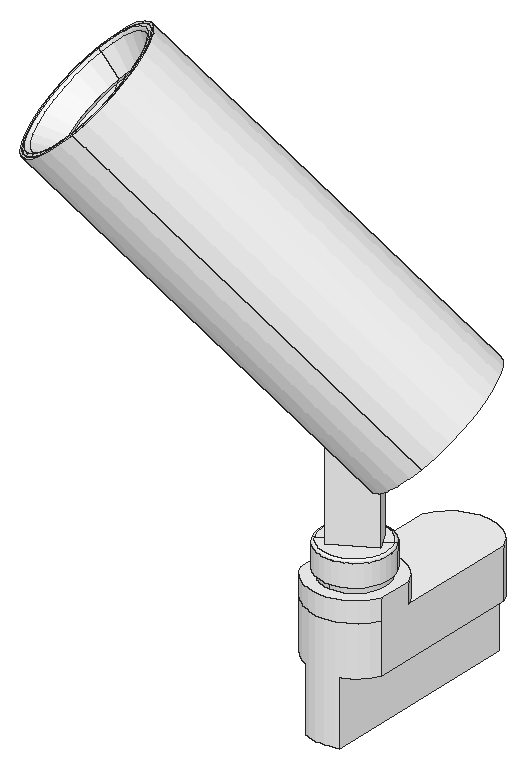
Revit family "0005422 Sylvania Lighting Fixture START Track Spot Integral 930 MB WB WHT", category Lighting Fixtures, host Face, Revit 2017
Family settings
  Host = Face
  Round Connector Dimension = Use Diameter
  Part Type = Normal
  OmniClass Number = 23.80.70.00
  OmniClass Title = Lighting
  Cut with Voids When Loaded = No
  Light Source = No
  Shared = No
  Room Calculation Point = No
Parameters (values of type "0005422 ST TRK SPT INTGRL 1400LM 930 WB WHT")
  Weight = "5.832 kg"
  Wattage Comments = ""
  WarrantyStartDate [instance] = "n/a"
  WarrantyGuarantorParts = "n/a"
  WarrantyDurationUnit = "n/a"
  WarrantyDurationParts = "n/a"
  WarrantyDescription = "n/a"
  Voltage = 230 V
  VerticalRotation_SYL [instance] = 60.00°
  VerticalEndAngle_SYL [instance] = VerticalRotation_SYL - 180.00°  # -120.00°
  URL = "http://www.sylvania-lighting.com"
  TypeName = "START Track Spot Integral 1400lm 930 MB WB WHT"
  TypeHead_SYL = START Track Spot Integral Head : 0005422 ST TRK SPT INTGRL 1400LM 930 WB WHT
  TypeArm_SYL = START Track Spot Integral Arm : START Track Spot Integral WH
  Type Image = <None>
  Type Comments = "n/a"
  SerialNumber [instance] = "n/a"
  Material_3_SYL = none
  PowerFactor = 0
  PowerConsumption = "17 W"
  NominalLength = 0 mm
  NominalHeight = 0 mm
  NominalDepth = 0 mm
  Name = "START Track Spot Integral 1400lm 930 MB WB WHT"
  ModelReference = Name  # "START Track Spot Integral 1400lm 930 MB WB WHT"
  ModelNumber = "0005422"
  Model = Name  # "START Track Spot Integral 1400lm 930 MB WB WHT"
  Material = "n/a"
  ManufacturerName = "Feilo Sylvania"
  Manufacturer = "Feilo Sylvania"
  LuminousEfficacy = "96.36 lm/W"
  LuminaireType = ""
  LightOutputRatio = "n/a"
  LampsType = Lamp  # "LED"
  LampNominalLuminous = "1400 lm"
  LampMacAdamStep = "3"
  LampColourTemperature = "3000"
  LampColourRenderingIndex = "90"
  Lamp = "LED"
  Keynote = "16500"
  InstallationDate [instance] = "n/a"
  InputVoltage = "220-240V~"
  InputNominalFrequency = "50/60 Hz"
  IngressProtection = "IP20"
  ImpactProtectionIndex = "IK03"
  IfcExportType = "IfcLightFixtureType"
  IfcExportAs = "IfcLightFixtureType"
  HorizontalRotation_SYL [instance] = 45.00°
  ExpectedLife = 50000
  ElectricShockClassification = "Class I"
  DurationUnit = "hours"
  DocumentationLiterature = "http://www.sylvania-lighting.com/product/en-int/products/0005422"
  DimmingControlOptions = "Non dimmable"
  Material_2_SYL = Spacer-Sylvania-StartTrackSpot-Aluminium
  Description = ""
  Default Elevation = 1219.2 mm
  CreatedOn = "9/6/2018"
  CreatedBy = ""
  Cost = 0
  built-in parameter 1114216 [instance] = (empty or 0)
  ClassificationValue = "EF_70_80"
  ClassificationName = "Uniclass2015"
  Material_1_SYL = Body-Sylvania-StartTrackSpot-White
  BarCode [instance] = "n/a"
  AssetType = "Fixed"
  AssetIdentifier [instance] = "n/a"
  Assembly Code = "D5020200"
  Apparent Load = 17 VA
  Material_4_SYL = none
Types (2, lengths in mm): name | TypeName | TypeHead_SYL | Name | ModelReference | Model | LuminousEfficacy | LampNominalLuminous
  0005422 ST TRK SPT INTGRL 1400LM 930 WB WHT | "START Track Spot Integral 1400lm 930 MB WB WHT" | START Track Spot Integral Head : 0005422 ST TRK SPT INTGRL 1400LM 930 WB WHT | "START Track Spot Integral 1400lm 930 MB WB WHT" | "START Track Spot Integral 1400lm 930 MB WB WHT" | "START Track Spot Integral 1400lm 930 MB WB WHT" | "96.36 lm/W" | "1400 lm"
  0005422 ST TRK SPT INTGRL 1350lm 930 MB WHT | "START Track Spot Integral 1350lm 930 MB WB WHT" | START Track Spot Integral Head : 0005422 ST TRK SPT INTGRL 1350LM 930 MB WHT | "START Track Spot Integral 1350lm 930 MB WB WHT" | "START Track Spot Integral 1350lm 930 MB WB WHT" | "START Track Spot Integral 1350lm 930 MB WB WHT" | "90.90 lm/W" | "1350 lm"
Reference planes
  plane 1 "Center (Front/Back)": y = 0
  plane 2: z = 0
  plane 3 "Center (Left/Right)": x = 0
  plane 4: x = 16.6
  plane 5: x = -16.6
  plane 6: x = 7
  plane 7: x = -7
  plane 8: x = -12.8
  plane 9: y = 42
  plane 10: y = 42
  plane 11: y = -42
  plane 12: y = 31.4
  plane 13: y = -31.4
  plane 14: z = -26
  plane 15: z = 20.3
  plane 16: z = 28.5
  plane 17: z = 31.2
  plane 18: y = -17.4
  plane 19: y = -6.8
  plane 20: y = -24.4
Forms (mm)
  Extrusion 1, solid, material "Body-Sylvania-StartTrackSpot-White" <- "Material_1_SYL"
    sketch origin (0, 0, 0) x (1, 0, 0) y (0, 1, 0)
      loop
        line (-16.6, 31.4) -> (-16.6, -31.4)
        arc (-16.6, -31.4) -> (0, -42) -> (16.6, -31.4) r 18.298
        line (16.6, -31.4) -> (16.6, 31.4)
        arc (16.6, 31.4) -> (0, 42) -> (-16.6, 31.4) r 18.298
    from -26 to 20.3
  Extrusion 2, void
    sketch origin (0, 0, 0) x (1, 0, 0) y (0, 1, 0)
      loop
        arc (-7, 40.608) -> (-12.666, 36.907) -> (-16.6, 31.4) r 18.298
        line (-16.6, 31.4) -> (-16.6, -31.4)
        arc (-16.6, -31.4) -> (-12.666, -36.907) -> (-7, -40.608) r 18.298
        line (-7, -40.608) -> (-7, 40.608)
      loop
        line (16.6, -31.4) -> (16.6, 31.4)
        arc (16.6, 31.4) -> (12.666, 36.907) -> (7, 40.608) r 18.298
        line (7, 40.608) -> (7, -40.608)
        arc (7, -40.608) -> (12.666, -36.907) -> (16.6, -31.4) r 18.298
    from 0 to -26
  Extrusion 3, solid, material "Body-Sylvania-StartTrackSpot-White" <- "Material_1_SYL"
    sketch origin (1223.4, -4572, 20.3) x (0, -1, 0) y (-1, 0, 0)
      loop
        line (-4540.6, 1240) -> (-4554.6, 1240)
        arc (-4554.6, 1240) -> (-4565.2, 1223.4) -> (-4554.6, 1206.8) r 18.298
        line (-4554.6, 1206.8) -> (-4540.6, 1206.8)
        arc (-4540.6, 1206.8) -> (-4530, 1223.4) -> (-4540.6, 1240) r 18.298
    from -8.2 to 0
  Extrusion 4, solid, material "Spacer-Sylvania-StartTrackSpot-Aluminium" <- "Material_2_SYL"
    sketch origin (1223.4, -4572, 28.5) x (0, -1, 0) y (-1, 0, 0)
      loop
        circle (-4547.6, 1223.4) r 12.7
    from 0 to -2.7
  Revolve 5, solid, not visible
    sketch origin (1524, -24.4, 1219.2) x (1, 0, 0) y (0, 0, 1)
      loop
        line (-1524, -1188) -> (-1524, -1168.735) -> (-1531, -1168.735) -> (-1531, -1188) -> (-1524, -1188)
      axis (-1524, -1168.735) -> (-1524, -1188)
    angle from 60 <- "VerticalRotation_SYL" to -120 <- "VerticalEndAngle_SYL"
Cuts and joins
  Extrusion 2 cuts Extrusion 1
  joined: Extrusion 1, Extrusion 3
Lines and regions (mm)
  reference lines
    curve 1: circle (0, -24.4, 0) r 12.7 normal (0, 0, 1)
    curve 2: arc (-16.6, -31.4, 0) -> (0, -42, 0) -> (16.6, -31.4, 0) r 18.298
    curve 3: arc (-16.6, -17.4, 0) -> (0, -6.8, 0) -> (16.6, -17.4, 0) r 18.298
    curve 4: arc (-16.6, 31.4, 0) -> (0, 42, 0) -> (16.6, 31.4, 0) r 18.298
Dimensions and locks
  plane 6 to plane 3 "Center (Left/Right)" to plane 7 = 7 mm locked, 7 mm locked
  plane 4 to plane 3 "Center (Left/Right)" to plane 5 = 16.6 mm locked, 16.6 mm locked
  locked: plane 3 "Center (Left/Right)" to plane 8 at 12.8
  plane 11 to plane 1 "Center (Front/Back)" to plane 10 = 42 mm locked, 42 mm locked
  plane 13 to plane 1 "Center (Front/Back)" to plane 12 = 31.4 mm locked, 31.4 mm locked
  locked: plane 2 to plane 14 at 26
  locked: plane 15 to plane 2 at 20.3
  plane 17 to plane 16 to plane 15 = 2.7 mm locked, 8.2 mm locked
  locked: plane 13 to plane 18 at 14
  locked: plane 18 to plane 19 at 10.6
  equal spacing: plane 13, plane 20, plane 18
  locked: plane 20 to curve 2 at 0.698
  locked: curve 3 to plane 20 at 0.698
  aligned and locked: plane 2 to host face
  aligned and locked: level to host face
  aligned and locked: plane 3 "Center (Left/Right)" to curve 1
  aligned and locked: plane 20 to curve 1
  aligned and locked: plane 13 to curve 2  (x2)
  aligned and locked: plane 18 to curve 3  (x2)
  aligned and locked: plane 12 to curve 4  (x2)
  aligned and locked: plane 4 to curve 4
  aligned and locked: plane 3 "Center (Left/Right)" to curve 4
  aligned and locked: plane 5 to curve 2
  aligned and locked: plane 5 to curve 3
  aligned and locked: plane 4 to curve 3
  aligned and locked: plane 4 to curve 2
  aligned and locked: plane 12 to Extrusion 1 sketch curve
  aligned and locked: plane 13 to Extrusion 1 sketch curve
  aligned and locked: Extrusion 1 sketch curve to curve 4
  aligned and locked: Extrusion 1 sketch curve to curve 2
  aligned and locked: Extrusion 1 to plane 15
  aligned and locked: plane 14 to Extrusion 1
  aligned and locked: Extrusion 2 sketch curve to Extrusion 1  (x5)
  aligned and locked: Extrusion 2 sketch curve to plane 7
  aligned and locked: plane 14 to Extrusion 2
  aligned and locked: level to Extrusion 2
  aligned and locked: Extrusion 3 sketch curve to cut or joined group of Extrusion 1, Extrusion 2, Extrusion 3  (x2)
  aligned and locked: Extrusion 3 sketch curve to curve 3
  aligned and locked: cut or joined group of Extrusion 1, Extrusion 2, Extrusion 3 to Extrusion 3 sketch curve
  aligned and locked: Extrusion 3 to plane 16
  aligned and locked: plane 15 to Extrusion 3
  aligned and locked: Extrusion 4 sketch curve to curve 1
  aligned and locked: Extrusion 4 to plane 17
  aligned and locked: plane 16 to Extrusion 4
  aligned and locked: Revolve 5 sketch curve to plane 3 "Center (Left/Right)"
  aligned and locked: Extrusion 4 to Revolve 5 sketch curve
  aligned and locked: Revolve 5 sketch curve to Extrusion 4
  aligned and locked: plane 17 to nested 1
Automatic sketch dimensions
  host sketch curve to host sketch curve = 2438.4 mm  (x2)
  plane 12 to curve 4 = 7.698 mm
  plane 12 to Extrusion 2 sketch curve = 0 mm
  Extrusion 2 sketch curve to Extrusion 2 sketch curve = 0 mm  (x2)
  Extrusion 2 sketch curve to plane 6 = 0 mm
  Revolve 5 sketch curve to plane 7 = 0 mm
  Revolve 5 sketch curve to Revolve 5 sketch curve = 19.265 mm
  plane 14 to Revolve 5 sketch curve = 583.6 mm
  Revolve 5 sketch curve to Revolve 5 sketch curve = 2558.594 mm
  radius of curve 1 = 12.7 mm
Nested families
  nested 1: "START Track Spot Integral Arm" at (0, -24.4, 31.2) x (0, 0, -1) z (0.866, 0.5, 0), type <- "TypeArm_SYL", HorizontalRotation_SYL <- "HorizontalRotation_SYL", type "START Track Spot Integral WH"
    with HorizontalRotation_SYL 45.00°, HorizontalEndAngle_SYL -135.00°
  nested 2: "START Track Spot Integral Head" at (12.554, -17.152, 97.696) x (-0.5, 0.866, 0) z (0.6124, 0.3536, -0.7071), type <- "TypeHead_SYL", type "0005422 ST TRK SPT INTGRL 1400LM 930 WB WHT"
    with built-in parameter 1114216 (empty or 0), S_SYL yes, RadiusLensOut_SYL 21 mm, RadiusHead_SYL 30 mm, RadiusEmission_SYL 8 mm, Height_SYL 160 mm, DepthLens_SYL 10 mm, DepthEmission_SYL 25 mm, Apparent Load 17 VA
Connectors
  electrical at (0, 0, 0), driven by "Apparent Load", driven by "PowerFactor", driven by "Voltage"
    settings: index 1, voltage 230 V, apparent load 17 VA, apparent load phase1 0 VA, apparent load phase2 0 VA, apparent load phase3 0 VA, power factor 0, load classification "Lighting", number of poles 1, system type 30, power factor state 1, is connector primary yes, connector utility no, sub classification motor no, connector description ""
Definition of nested family "START Track Spot Integral Arm"
  Parameters (values of type "START Track Spot Integral WH")
    URL = "http://www.sylvania-lighting.com"
    Type Image = (empty or 0)
    Type Comments = "n/a"
    Material_3_SYL = none
    Model = ""
    Manufacturer = "Feilo Sylvania"
    Keynote = ""
    Material_2_SYL = none
    HorizontalRotation_SYL [instance] = 0.00°
    HorizontalEndAngle_SYL [instance] = HorizontalRotation_SYL - 180.00°  # -180.00°
    Description = ""
    Default Elevation = 1219.2 mm
    Cost = 0
    Material_1_SYL = none
    Assembly Code = ""
    Material_4_SYL = none
  Types (2): name
    START Track Spot Integral WH
    START Track Spot Integral BL
  Reference planes
    plane 1 "Center (Front/Back)": y = 0
    plane 2: z = 0
    plane 3 "Center (Left/Right)": x = 0
    plane 4: x = -10
    plane 5: z = -14
    plane 6: z = -14
    plane 7: z = 14
    plane 8: x = -52
    plane 9: z = 9
    plane 10: z = -9
    plane 11: x = -60
    plane 12: y = 4.5
    plane 13: y = -4.5
    plane 14: x = -9
    plane 15: z = 13
    plane 16: z = 4
    plane 17: z = -4
    plane 18: x = -55
  Forms (mm)
    Extrusion 1, solid
      sketch origin (4.2, 0, 0) x (1, 0, 0) y (0, 1, 0)
        loop
          line (-1219.2, 1219.2) -> (-1219.2, -1219.2) -> (1219.2, -1219.2) -> (1219.2, 1219.2) -> (-1219.2, 1219.2)
      from 0 to -68.017
    Revolve 2, solid, material <- "Material_1_SYL"
      sketch origin (0, 0, 0) x (1, 0, 0) y (0, 0, 1)
        loop
          line (0, 0) -> (0, 14) -> (-9, 14)
          arc (-9, 14) -> (-9.707, 13.707) -> (-10, 13) r 1
          line (-10, 13) -> (-10, 0) -> (0, 0)
        axis (-10, 0) -> (0, 0)
      angle from 360 to 0
    Extrusion 3, solid, material <- "Material_1_SYL"
      sketch origin (0, 0, 0) x (1, 0, 0) y (0, 0, 1)
        loop
          line (-10, 9) -> (-55, 9)
          arc (-55, 9) -> (-58.536, 7.536) -> (-60, 4) r 5
          line (-60, 4) -> (-60, -4)
          arc (-60, -4) -> (-58.536, -7.536) -> (-55, -9) r 5
          line (-55, -9) -> (-10, -9) -> (-10, 9)
      from -4.5 to 4.5
    Revolve 4, solid, not visible
      sketch origin (-52, -4572, 2609.058) x (0, 0, 1) y (0, -1, 0)
        loop
          line (-2609.058, -4553.46) -> (-2609.058, -4590.54) -> (-2605.058, -4590.54) -> (-2605.058, -4553.46) -> (-2609.058, -4553.46)
        axis (-2609.058, -4553.46) -> (-2609.058, -4590.54)
      angle from 0 <- "HorizontalRotation_SYL" to -180 <- "HorizontalEndAngle_SYL"
  Dimensions and locks
    locked: plane 3 "Center (Left/Right)" to plane 4 at 10
    plane 7 to plane 2 to plane 6 = 14 mm locked, 14 mm locked
    locked: plane 4 to plane 8 at 42
    plane 13 to plane 1 "Center (Front/Back)" to plane 12 = 4.5 mm locked, 4.5 mm locked
    locked: plane 14 to plane 4 at 1
    locked: plane 7 to plane 15 at 1
    locked: plane 9 to plane 16 at 5
    locked: plane 17 to plane 10 at 5
    equal spacing: Revolve 4 sketch curve, plane 1 "Center (Front/Back)", Revolve 4 sketch curve
    locked: Revolve 4 sketch curve to plane 1 "Center (Front/Back)" at 18.54
    locked: plane 18 to plane 11 at 5
    locked: plane 4 to plane 11 at 50
    aligned and locked: plane 2 to Extrusion 1
    aligned and locked: level to Extrusion 1
    aligned and locked: level to Revolve 2 sketch curve  (x2)
    aligned and locked: plane 3 "Center (Left/Right)" to Revolve 2 sketch curve
    aligned and locked: Revolve 2 sketch curve to plane 7
    aligned and locked: plane 4 to Revolve 2 sketch curve
    aligned and locked: plane 15 to Revolve 2 sketch curve
    aligned and locked: plane 14 to Revolve 2 sketch curve
    aligned and locked: Revolve 2 sketch curve to plane 2
    aligned and locked: Extrusion 3 sketch curve to plane 9
    aligned and locked: plane 4 to Extrusion 3 sketch curve
    aligned and locked: plane 10 to Extrusion 3 sketch curve
    aligned and locked: Extrusion 3 sketch curve to plane 11
    aligned and locked: plane 13 to Extrusion 3
    aligned and locked: Extrusion 3 to plane 12
    aligned and locked: plane 16 to Extrusion 3 sketch curve
    aligned and locked: plane 17 to Extrusion 3 sketch curve
    aligned and locked: Revolve 4 sketch curve to level
    aligned and locked: Revolve 4 sketch curve to plane 16
    aligned and locked: Revolve 4 sketch curve to plane 2
    aligned and locked: plane 18 to Extrusion 3 sketch curve  (x2)
Definition of nested family "START Track Spot Integral Head"
  Parameters (values of type "0005432 ST TRK SPT INTGRL 5000LM 940 WB WHT")
    WidthCutOut_SYL = 9.5 mm  # constant formula
    Wattage Comments = "n/a"
    Wattage = 55 W
    built-in parameter 1150110 = 1 (stored number, unit not read)
    URL = "http://www.sylvania-lighting.com"
    Type Image = (empty or 0)
    Type Comments = "n/a"
    built-in parameter 1114217 = 1 (stored number, unit not read)
    Tilt Angle = 90.00°
    built-in parameter 1150109 = 1 (stored number, unit not read)
    built-in parameter 1150134 = 12
    built-in parameter 1150113 = 1 (stored number, unit not read)
    S_SYL = no
    RadiusLensOut_SYL = if(S_SYL, 21 mm, if(M_SYL, 30.5 mm, 33 mm))  # 33 mm
    RadiusLensHolder_SYL = 1.8 mm  # constant formula
    RadiusHead_SYL = if(S_SYL, 30 mm, if(M_SYL, 40 mm, 45.5 mm))  # 45.5 mm
    RadiusEmission_SYL = if(S_SYL, 8 mm, if(M_SYL, 16.5 mm, 16.5 mm))  # 16.5 mm
    Photometric Web File = "0005432 WB.ies"
    Material_3_SYL = none
    Model = "ST TRK SPT INTGRL 5000LM 940 WB WHT"
    Manufacturer = "Feilo Sylvania"
    M_SYL = no
    built-in parameter 1150105 = 397.89 (stored number, unit not read)
    Lumens = 5000 lm
    built-in parameter 1150115 = 1 (stored number, unit not read)
    built-in parameter 1150137 = (empty or 0)
    built-in parameter 1150139 = (empty or 0)
    built-in parameter 1150112 = 1 (stored number, unit not read)
    built-in parameter 1150114 = 1 (stored number, unit not read)
    Lamp = "LED"
    Keynote = "16500"
    Material_2_SYL = none
    built-in parameter 1150132 = (empty or 0)
    built-in parameter 1150102 = (empty or 0)
    built-in parameter 1150107 = 4000 (stored number, unit not read)
    built-in parameter 1150138 = (empty or 0)
    built-in parameter 1150106 = 3.9789 (stored number, unit not read)
    Height_SYL = if(S_SYL, 160 mm, if(M_SYL, 200 mm, 215 mm))  # 215 mm
    Emit from Circle Diameter = RadiusLensOut_SYL * 2  # 66 mm
    Emit Shape Visible in Rendering = no
    built-in parameter 1150104 = 8.4457 (stored number, unit not read)
    DistRotateAxisY_SYL = 16.8 mm  # constant formula
    Dimming Lamp Color Temperature Shift = (empty or 0)
    Description = ""
    DepthLens_SYL = 1.25 * (RadiusHead_SYL - 1 mm - RadiusLensOut_SYL)  # 14.375 mm
    DepthEmission_SYL = Height_SYL / 6.4  # 33.594 mm
    DepthCutOut_SYL = WidthCutOut_SYL * 2  # 19 mm
    Default Elevation = 1219.2 mm
    Cost = 0
    Color Filter = 16777215
    built-in parameter 1114216 [instance] = (empty or 0)
    Material_1_SYL = none
    built-in parameter 1114218 = 1 (stored number, unit not read)
    built-in parameter 1150133 = 10 (stored number, unit not read)
    Assembly Code = "D5020200"
    Apparent Load = 55 VA
    Material_4_SYL = none
  Types (24, lengths in mm): name | Wattage | built-in parameter 1150134 | S_SYL | RadiusLensOut_SYL | RadiusHead_SYL | RadiusEmission_SYL | Photometric Web File | Model | M_SYL | built-in parameter 1150105 | Lumens | built-in parameter 1150107 | built-in parameter 1150106 | Height_SYL | Emit from Circle Diameter | built-in parameter 1150104 | DepthLens_SYL | DepthEmission_SYL | Apparent Load
    0005433 ST TRK SPT INTGRL 5000LM 940 WB BLK | 55 W | 12 | no | 33 | 45.5 | 16.5 | "0005433 WB.ies" | "ST TRK SPT INTGRL 5000LM 940 WB BLK" | no | 397.89 (stored number, unit not read) | 5000 lm | 4000 (stored number, unit not read) | 3.9789 (stored number, unit not read) | 215 | 66 | 8.4457 (stored number, unit not read) | 14.375 | 33.594 | 55 VA
    0005433 ST TRK SPT INTGRL 5000LM 940 MB BLK | 55 W | 12 | no | 33 | 45.5 | 16.5 | "0005433 MB.ies" | "ST TRK SPT INTGRL 5000LM 940 MB BLK" | no | 397.89 (stored number, unit not read) | 5000 lm | 4000 (stored number, unit not read) | 3.9789 (stored number, unit not read) | 215 | 66 | 8.4457 (stored number, unit not read) | 14.375 | 33.594 | 55 VA
    0005432 ST TRK SPT INTGRL 5000LM 940 WB WHT | 55 W | 12 | no | 33 | 45.5 | 16.5 | "0005432 WB.ies" | "ST TRK SPT INTGRL 5000LM 940 WB WHT" | no | 397.89 (stored number, unit not read) | 5000 lm | 4000 (stored number, unit not read) | 3.9789 (stored number, unit not read) | 215 | 66 | 8.4457 (stored number, unit not read) | 14.375 | 33.594 | 55 VA
    0005432 ST TRK SPT INTGRL 5000LM 940 MB WHT | 55 W | 12 | no | 33 | 45.5 | 16.5 | "0005432 MB.ies" | "ST TRK SPT INTGRL 5000LM 940 MB WHT" | no | 397.89 (stored number, unit not read) | 5000 lm | 4000 (stored number, unit not read) | 3.9789 (stored number, unit not read) | 215 | 66 | 8.4457 (stored number, unit not read) | 14.375 | 33.594 | 55 VA
    0005431 ST TRK SPT INTGRL 3000LM 940 WB BLK | 33 W | 12 | no | 30.5 | 40 | 16.5 | "0005431 WB.ies" | "ST TRK SPT INTGRL 3000LM 940 WB BLK" | yes | 238.73 (stored number, unit not read) | 3000 lm | 4000 (stored number, unit not read) | 2.3873 (stored number, unit not read) | 200 | 61 | 8.4457 (stored number, unit not read) | 10.625 | 31.25 | 33 VA
    0005431 ST TRK SPT INTGRL 3000LM 940 MB BLK | 33 W | 12 | no | 30.5 | 40 | 16.5 | "0005431 MB.ies" | "ST TRK SPT INTGRL 3000LM 940 MB BLK" | yes | 238.73 (stored number, unit not read) | 3000 lm | 4000 (stored number, unit not read) | 2.3873 (stored number, unit not read) | 200 | 61 | 8.4457 (stored number, unit not read) | 10.625 | 31.25 | 33 VA
    0005430 ST TRK SPT INTGRL 3000LM 940 WB WHT | 33 W | 12 | no | 30.5 | 40 | 16.5 | "0005430 WB.ies" | "ST TRK SPT INTGRL 3000LM 940 WB WHT" | yes | 238.73 (stored number, unit not read) | 3000 lm | 4000 (stored number, unit not read) | 2.3873 (stored number, unit not read) | 200 | 61 | 8.4457 (stored number, unit not read) | 10.625 | 31.25 | 33 VA
    0005430 ST TRK SPT INTGRL 3000LM 940 MB WHT | 33 W | 12 | no | 30.5 | 40 | 16.5 | "0005430 MB.ies" | "ST TRK SPT INTGRL 3000LM 940 MB WHT" | yes | 238.73 (stored number, unit not read) | 3000 lm | 4000 (stored number, unit not read) | 2.3873 (stored number, unit not read) | 200 | 61 | 8.4457 (stored number, unit not read) | 10.625 | 31.25 | 33 VA
    0005429 ST TRK SPT INTGRL 1500LM 940 WB BLK | 17 W | 12 | yes | 21 | 30 | 8 | "0005429 WB.ies" | "ST TRK SPT INTGRL 1500LM 940 WB BLK" | no | 119.37 (stored number, unit not read) | 1500 lm | 4000 (stored number, unit not read) | 1.1937 (stored number, unit not read) | 160 | 42 | 8.1973 (stored number, unit not read) | 10 | 25 | 17 VA
    0005429 ST TRK SPT INTGRL 1500LM 940 MB BLK | 17 W | 12 | yes | 21 | 30 | 8 | "0005429 MB.ies" | "ST TRK SPT INTGRL 1500LM 940 MB BLK" | no | 119.37 (stored number, unit not read) | 1500 lm | 4000 (stored number, unit not read) | 1.1937 (stored number, unit not read) | 160 | 42 | 8.1973 (stored number, unit not read) | 10 | 25 | 17 VA
    0005428 ST TRK SPT INTGRL 1500LM 940 WB WHT | 17 W | 12 | yes | 21 | 30 | 8 | "0005428 WB.ies" | "ST TRK SPT INTGRL 1500LM 940 WB WHT" | no | 119.37 (stored number, unit not read) | 1500 lm | 4000 (stored number, unit not read) | 1.1937 (stored number, unit not read) | 160 | 42 | 8.1973 (stored number, unit not read) | 10 | 25 | 17 VA
    0005428 ST TRK SPT INTGRL 1500LM 940 MB WHT | 17 W | 12 | yes | 21 | 30 | 8 | "0005428 MB.ies" | "ST TRK SPT INTGRL 1500LM 940 MB WHT" | no | 119.37 (stored number, unit not read) | 1500 lm | 4000 (stored number, unit not read) | 1.1937 (stored number, unit not read) | 160 | 42 | 8.1973 (stored number, unit not read) | 10 | 25 | 17 VA
    0005427 ST TRK SPT INTGRL 4500LM 930 WB BLK | 55 W | (empty or 0) | no | 33 | 45.5 | 16.5 | "0005427 WB.ies" | "ST TRK SPT INTGRL 4500LM 930 WB BLK" | no | 358.1 (stored number, unit not read) | 4500 lm | 3000 (stored number, unit not read) | 3.581 (stored number, unit not read) | 215 | 66 | 7.6012 (stored number, unit not read) | 14.375 | 33.594 | 55 VA
    0005427 ST TRK SPT INTGRL 4500LM 930 MB BLK | 55 W | (empty or 0) | no | 33 | 45.5 | 16.5 | "0005427 MB.ies" | "ST TRK SPT INTGRL 4500LM 930 MB BLK" | no | 358.1 (stored number, unit not read) | 4500 lm | 3000 (stored number, unit not read) | 3.581 (stored number, unit not read) | 215 | 66 | 7.6012 (stored number, unit not read) | 14.375 | 33.594 | 55 VA
    0005426 ST TRK SPT INTGRL 4500LM 930 WB WHT | 55 W | (empty or 0) | no | 33 | 45.5 | 16.5 | "0005426 WB.ies" | "ST TRK SPT INTGRL 4500LM 930 WB WHT" | no | 358.1 (stored number, unit not read) | 4500 lm | 3000 (stored number, unit not read) | 3.581 (stored number, unit not read) | 215 | 66 | 7.6012 (stored number, unit not read) | 14.375 | 33.594 | 55 VA
    0005426 ST TRK SPT INTGRL 4500LM 930 MB WHT | 55 W | (empty or 0) | no | 33 | 45.5 | 16.5 | "0005426 MB.ies" | "ST TRK SPT INTGRL 4500LM 930 MB WHT" | no | 358.1 (stored number, unit not read) | 4500 lm | 3000 (stored number, unit not read) | 3.581 (stored number, unit not read) | 215 | 66 | 7.6012 (stored number, unit not read) | 14.375 | 33.594 | 55 VA
    0005425 ST TRK SPT INTGRL 2700LM 930 WB BLK | 33 W | (empty or 0) | no | 30.5 | 40 | 16.5 | "0005425 WB.ies" | "ST TRK SPT INTGRL 2700LM 930 WB BLK" | yes | 214.86 (stored number, unit not read) | 2700 lm | 3000 (stored number, unit not read) | 2.1486 (stored number, unit not read) | 200 | 61 | 7.6012 (stored number, unit not read) | 10.625 | 31.25 | 33 VA
    0005425 ST TRK SPT INTGRL 2700LM 930 MB BLK | 33 W | (empty or 0) | no | 30.5 | 40 | 16.5 | "0005425 MB.ies" | "ST TRK SPT INTGRL 2700LM 930 MB BLK" | yes | 214.86 (stored number, unit not read) | 2700 lm | 3000 (stored number, unit not read) | 2.1486 (stored number, unit not read) | 200 | 61 | 7.6012 (stored number, unit not read) | 10.625 | 31.25 | 33 VA
    0005424 ST TRK SPT INTGRL 2700LM 930 WB WHT | 33 W | (empty or 0) | no | 30.5 | 40 | 16.5 | "0005424 WB.ies" | "ST TRK SPT INTGRL 2700LM 930 WB WHT" | yes | 214.86 (stored number, unit not read) | 2700 lm | 3000 (stored number, unit not read) | 2.1486 (stored number, unit not read) | 200 | 61 | 7.6012 (stored number, unit not read) | 10.625 | 31.25 | 33 VA
    0005424 ST TRK SPT INTGRL 2700LM 930 MB WHT | 33 W | (empty or 0) | no | 30.5 | 40 | 16.5 | "0005424 MB.ies" | "ST TRK SPT INTGRL 2700LM 930 MB WHT" | yes | 214.86 (stored number, unit not read) | 2700 lm | 3000 (stored number, unit not read) | 2.1486 (stored number, unit not read) | 200 | 61 | 7.6012 (stored number, unit not read) | 10.625 | 31.25 | 33 VA
    0005423 ST TRK SPT INTGRL 1360LM 930 WB BLK | 17 W | (empty or 0) | yes | 21 | 30 | 8 | "0005423 WB.ies" | "ST TRK SPT INTGRL 1360LM 930 WB BLK" | no | 108.23 (stored number, unit not read) | 1360 lm | 3000 (stored number, unit not read) | 1.0823 (stored number, unit not read) | 160 | 42 | 7.4322 (stored number, unit not read) | 10 | 25 | 17 VA
    0005423 ST TRK SPT INTGRL 1360LM 930 MB BLK | 17 W | (empty or 0) | yes | 21 | 30 | 8 | "0005423 MB.ies" | "ST TRK SPT INTGRL 1360LM 930 MB BLK" | no | 108.23 (stored number, unit not read) | 1360 lm | 3000 (stored number, unit not read) | 1.0823 (stored number, unit not read) | 160 | 42 | 7.4322 (stored number, unit not read) | 10 | 25 | 17 VA
    0005422 ST TRK SPT INTGRL 1360LM 930 WB WHT | 17 W | (empty or 0) | yes | 21 | 30 | 8 | "0005422 WB.ies" | "ST TRK SPT INTGRL 1360LM 930 WB WHT" | no | 108.23 (stored number, unit not read) | 1360 lm | 3000 (stored number, unit not read) | 1.0823 (stored number, unit not read) | 160 | 42 | 7.4322 (stored number, unit not read) | 10 | 25 | 17 VA
    0005422 ST TRK SPT INTGRL 1360LM 930 MB WHT | 17 W | (empty or 0) | yes | 21 | 30 | 8 | "0005422 MB.ies" | "ST TRK SPT INTGRL 1360LM 930 MB WHT" | no | 108.23 (stored number, unit not read) | 1360 lm | 3000 (stored number, unit not read) | 1.0823 (stored number, unit not read) | 160 | 42 | 7.4322 (stored number, unit not read) | 10 | 25 | 17 VA
  Reference planes
    plane 1 "Center (Front/Back)": y = 0
    plane 2: z = 0
    plane 3 "Center (Left/Right)": x = 0
    plane 4: x = 45.5
    plane 5: z = 16.8
    plane 6: z = -198.2
    plane 7: x = 44.5
    plane 8: x = 33
    plane 9: x = 16.5
    plane 10: z = -183.825
    plane 11: z = -164.606
    plane 12: z = -11.2
    plane 13: x = 43.5
    plane 14: x = 38.25
    plane 15: z = -181.825
    plane 16: z = -162.606
    plane 17: z = -1
    plane 18: x = 4.75
    plane 19: x = -4.75
    plane 20: y = -45.5
    plane 21: y = -26.5
    plane 22: x = 42.5
    plane 23: y = -36
  Forms (mm)
    Extrusion 1, solid
      sketch origin (4.2, 0, 0) x (1, 0, 0) y (0, 1, 0)
        loop
          line (-1219.2, 1219.2) -> (-1219.2, -1219.2) -> (1219.2, -1219.2) -> (1219.2, 1219.2) -> (-1219.2, 1219.2)
      from 0 to -68.017
    Revolve 2, solid, material <- "Material_1_SYL"
      sketch origin (0, 0, 0) x (1, 0, 0) y (0, 0, 1)
        loop
          line (45.5, -198.2) -> (45.5, 16.8) -> (44.5, 16.8) -> (44.5, -198.2) -> (45.5, -198.2)
        axis (0, 16.8) -> (0, -198.2)
      angle from 360 to 0
    Revolve 3, solid, material <- "Material_1_SYL"
      sketch origin (0, 0, 0) x (1, 0, 0) y (0, 0, 1)
        loop
          line (44.5, 16.8) -> (43.5, 16.8)
          arc (43.5, 16.8) -> (38.25, 15.673) -> (33, 16.8) r 12.796
          line (33, 16.8) -> (0, 16.8) -> (0, -11.2) -> (44.5, -11.2) -> (44.5, 16.8)
        axis (0, 16.8) -> (0, -11.2)
      angle from 360 to 0
    Revolve 4, solid, material <- "Material_2_SYL"
      sketch origin (0, 0, 0) x (1, 0, 0) y (0, 0, 1)
        loop
          line (44.5, -181.825) -> (0, -181.825) -> (0, -183.825) -> (44.5, -183.825) -> (44.5, -181.825)
        axis (0, -181.825) -> (0, -183.825)
      angle from 360 to 0
    Revolve 5, solid
      sketch origin (0, 0, 0) x (1, 0, 0) y (0, 0, 1)
        loop
          line (0, -164.606) -> (16.5, -164.606)
          arc (16.5, -164.606) -> (30.37, -169.432) -> (38.25, -181.825) r 22.346
          line (38.25, -181.825) -> (44.5, -181.825) -> (44.5, -162.606) -> (0, -162.606) -> (0, -164.606)
        axis (0, -162.606) -> (0, -181.825)
      angle from 360 to 0
    Extrusion 6, void
      sketch origin (1524, -45.5, 1219.2) x (-1, 0, 0) y (0, 0, 1)
        loop
          line (1528.75, -1230.4) -> (1528.75, -1202.4) -> (1519.25, -1202.4) -> (1519.25, -1230.4) -> (1528.75, -1230.4)
      from 0 to 19
    Revolve 7, solid, material <- "Material_1_SYL"
      sketch origin (0, 0, 0) x (1, 0, 0) y (0, 0, 1)
        loop
          line (33, -183.825) -> (42.006, -197.453)
          arc (42.006, -197.453) -> (42.534, -197.999) -> (43.267, -198.2) r 1.437
          line (43.267, -198.2) -> (44.5, -198.2) -> (44.5, -183.825) -> (33, -183.825)
        axis (0, -183.825) -> (0, -198.2)
      angle from 360 to 0
  Cuts and joins
    Extrusion 6 cuts Revolve 3
    Extrusion 6 cuts Revolve 2
  Lines and regions (mm)
    reference lines
      curve 1: arc (33, 0, 16.8) -> (38.25, 0, 15.673) -> (43.5, 0, 16.8) r 12.796
      curve 2: line (33, 0, -183.825) -> (42.5, 0, -198.2)
  Dimensions and locks
    "RadiusHead_SYL": plane 4 to plane 3 "Center (Left/Right)"
    "DistRotateAxisY_SYL": plane 5 to plane 2
    "Height_SYL": plane 5 to plane 6
    locked: plane 4 to plane 7 at 1
    "RadiusLensOut_SYL": plane 8 to plane 3 "Center (Left/Right)"
    "RadiusEmission_SYL": plane 9 to plane 3 "Center (Left/Right)"
    "DepthLens_SYL": plane 10 to plane 6
    "DepthEmission_SYL": plane 11 to plane 6
    locked: plane 5 to plane 12 at 28
    locked: plane 4 to plane 13 at 2
    equal spacing: plane 13, plane 14, plane 8
    locked: plane 5 to curve 1 at 1.127
    locked: plane 15 to plane 10 at 2
    locked: plane 16 to plane 11 at 2
    locked: plane 2 to plane 17 at 1
    equal spacing: plane 18, plane 3 "Center (Left/Right)", plane 19
    "WidthCutOut_SYL": plane 18 to plane 19
    "RadiusHead_SYL": plane 20 to plane 1 "Center (Front/Back)"
    "DepthCutOut_SYL": plane 20 to plane 21
    locked: plane 4 to plane 22 at 3
    equal spacing: plane 20, plane 23, plane 21
    aligned and locked: plane 2 to Extrusion 1
    aligned and locked: level to Extrusion 1
    aligned and locked: plane 8 to curve 1
    aligned and locked: plane 13 to curve 1
    aligned and locked: plane 14 to curve 1
    aligned and locked: plane 5 to curve 1
    aligned and locked: Revolve 2 sketch curve to plane 3 "Center (Left/Right)"
    aligned and locked: Revolve 2 sketch curve to plane 6
    aligned and locked: Revolve 2 sketch curve to plane 4
    aligned and locked: plane 5 to Revolve 2 sketch curve
    aligned and locked: plane 7 to Revolve 2 sketch curve
    aligned and locked: Revolve 3 sketch curve to plane 3 "Center (Left/Right)"
    aligned and locked: Revolve 3 sketch curve to Revolve 2  (x3)
    aligned and locked: Revolve 3 sketch curve to plane 12
    aligned and locked: plane 3 "Center (Left/Right)" to Revolve 3 sketch curve
    aligned and locked: Revolve 3 sketch curve to curve 1
    aligned and locked: plane 5 to Revolve 3 sketch curve
    aligned and locked: Revolve 4 sketch curve to plane 3 "Center (Left/Right)"  (x2)
    aligned and locked: Revolve 4 sketch curve to plane 15
    aligned and locked: plane 7 to Revolve 4 sketch curve
    aligned and locked: Revolve 5 sketch curve to plane 3 "Center (Left/Right)"  (x2)
    aligned and locked: plane 3 "Center (Left/Right)" to Revolve 5 sketch curve
    aligned and locked: plane 9 to Revolve 5 sketch curve
    aligned and locked: plane 11 to Revolve 5 sketch curve
    aligned and locked: plane 14 to Revolve 5 sketch curve
    aligned and locked: plane 15 to Revolve 5 sketch curve
    aligned and locked: plane 12 to Extrusion 6 sketch curve
    aligned and locked: Extrusion 6 sketch curve to plane 19
    aligned and locked: Extrusion 6 sketch curve to plane 5
    aligned and locked: plane 18 to Extrusion 6 sketch curve
    aligned and locked: Extrusion 6 to plane 21
    aligned and locked: plane 20 to Extrusion 6
    aligned and locked: plane 10 to curve 2
    aligned and locked: plane 22 to curve 2
    aligned and locked: Revolve 7 sketch curve to plane 3 "Center (Left/Right)"
    aligned and locked: plane 10 to Revolve 7 sketch curve
    aligned and locked: Revolve 7 sketch curve to Revolve 4
    aligned and locked: Revolve 7 sketch curve to curve 2
    aligned and locked: plane 3 "Center (Left/Right)" to imposter light
    aligned and locked: imposter light to plane 1 "Center (Front/Back)"
    aligned and locked: imposter light to plane 10
  Automatic sketch dimensions
    Extrusion 1 sketch curve to Extrusion 1 sketch curve = 2438.4 mm  (x2)
    plane 6 to Revolve 2 sketch curve = 487.1 mm
    Revolve 2 sketch curve to plane 5 = 2571.558 mm
    plane 6 to Revolve 3 sketch curve = 487.1 mm
    Revolve 3 sketch curve to Revolve 3 sketch curve = 2566.685 mm
    plane 6 to Revolve 4 sketch curve = 487.1 mm
    Revolve 4 sketch curve to plane 5 = 2571.558 mm
    Revolve 5 sketch curve to plane 11 = 2 mm
    plane 6 to Revolve 5 sketch curve = 487.1 mm
    Revolve 5 sketch curve to plane 5 = 2571.558 mm
    Revolve 5 sketch curve to plane 7 = 0 mm
    Revolve 4 sketch curve to plane 10 = 0 mm
    curve 2 to plane 8 = 0 mm
    curve 1 to plane 14 = 0 mm
    curve 2 to plane 6 = 0 mm
    curve 1 to plane 13 = 0 mm
    Revolve 7 sketch curve to plane 6 = 0 mm
    Revolve 7 sketch curve to plane 22 = 0.494 mm
    Revolve 7 sketch curve to plane 13 = 0.233 mm
    plane 6 to Revolve 7 sketch curve = 474.6 mm
    Revolve 7 sketch curve to plane 5 = 2584.058 mm
